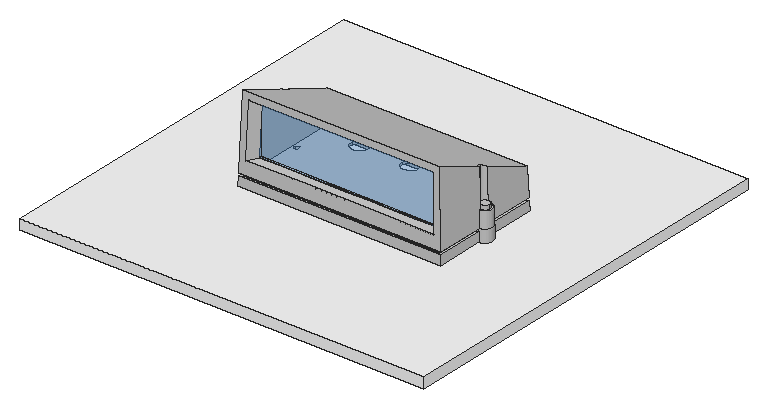
Revit family "BE_24372_de_DE", category Leuchten, Revit 2015
Parameters (values of type "BEGA_24372_Silber_K4")
  built-in parameter 1150104 = 12.105 (stored number, unit not read)
  Wattage = 6.1 W
  Default Elevation = 0 mm
  built-in parameter 1150113 = 1 (stored number, unit not read)
  built-in parameter 1114218 = 1 (stored number, unit not read)
  Umgebungstemperatur = "25 °C"
  URL = "http://www.bega.de/produkt/24372"
  Typenkommentare = "© 2017 BEGA. Wir behalten uns das Recht vor, technische Änderungen ohne vorherige Ankündigung vorzunehmen."  # constant formula
  Type Image = 24372.png
  built-in parameter 1150134 = 12
  built-in parameter 1150109 = 1 (stored number, unit not read)
  Strom = ""
  built-in parameter 1150110 = 1 (stored number, unit not read)
  Spannung = 239.996 V
  Sonderanfertigung = no
  Seriennummer [instance] = "Hier können Sie die eindeutige Seriennummer für das Facility Management eintragen."
  Schutzklasse = "I"
  Schutzart = "IP 65"
  Scheinlast = 0 VA
  Produktdatenblatt = "http://www.bega.de/download/Xrfa/db/24372.db.de.pdf"
  Oberflächentemperatur = ""
  Neigungswinkel = 0.00°
  Modell = "24372AK4"
  Material_17 = BEGA_Reflektor
  Material_15 = BEGA_Leuchtmedium_matt
  Material_11 = BEGA_Glas_opal
  Material_10 = BEGA_Glas_matt
  Material_09 = BEGA_Glas_klar
  Material_06 = BEGA_Oberfläche_Edelstahl_gebürstet
  Material_03 = BEGA_Oberfläche_Weiss_matt
  Material_02 = BEGA_Oberfläche_Silber_matt
  Material_01 [instance] = BEGA_Oberfläche_Grafit_matt
  M_W = no
  M_G = no
  M_A = yes
  Logo = 0
  built-in parameter 1114217 = 1 (stored number, unit not read)
  built-in parameter 1150139 = (empty or 0)
  built-in parameter 1150105 = 63.251 (stored number, unit not read)
  built-in parameter 1150114 = 1 (stored number, unit not read)
  Lumens = 794.83 lm
  built-in parameter 1150115 = 1 (stored number, unit not read)
  Leuchtenlichtstrom = "474 lm"
  Leuchtenanzahl = ""
  Lebensdauerkriterien = "L70B50 @ 25 °C = 500000 h"
  Lastklassifizierung = Beleuchtung
  built-in parameter 1150112 = 1 (stored number, unit not read)
  Lampenlichtstrom = "795 lm"
  Lampe = "LED 6.1 W"
  LED_Modulbezeichnung = "LED-0518/940"
  built-in parameter 1150142 = (empty or 0)
  Hersteller = "BEGA"  # constant formula
  Halbstreuwinkel = ""
  Gewicht = "1.4 kg"
  Gebrauchslageneinschränkung [instance] = ""
  Frequenz = "0/50-60 Hz"
  Farbwiedergabeindex = "Ra > 90"
  Farbtemperaturverschiebung bei Dämpfen der Lampe = <Keine Auswahl>
  Farbtemperatur = "4000 K"
  Color Filter = 16777215
  built-in parameter 1150133 = 10 (stored number, unit not read)
  Energieeffizienzklasse = "LED A++ - A"
  built-in parameter 1150137 = (empty or 0)
  built-in parameter 1150132 = (empty or 0)
  ENEC = "ja"
  Dimmbar [instance] = ""
  Datei für fotometrisches Netz = "BE_24372K4.IES"
  CE_Konformität = "ja"
  Bestellnummer = "24372AK4"
  Beschreibung_Sonderanfertigung = "Hier können Sie Informationen zur Sonderanfertigung eintragen."
  Beschreibung = "Wandleuchte"
  built-in parameter 1150106 = 0.63251 (stored number, unit not read)
  Befestigungsbohrung = "Ø 5 mm"
  Befestigungsabstand = "172 mm"
  Ballwurfsicher = ""
  BEGA_Intern_aus = yes
  BEGA_Intern_an = yes
  BEGA_Intern_Konstruktion = yes
  BEGA_Intern = yes
  BEGA_IES = yes
  BEGA_Dummy = no
  Anschlussleitung = ""
  Anschlussleistung [instance] = "8 W"
  Anschlusskasten = ""
  built-in parameter 1150107 = 4000 (stored number, unit not read)
  built-in parameter 1150102 = (empty or 0)
  built-in parameter 1150138 = (empty or 0)
  Aktualisierung = "2017-06-27T04:08:34"
  Abstand_zur_angestrahlten_Fläche [instance] = ""
  AC/DC = "AC/DC"
Types (4, lengths in mm): name | built-in parameter 1150104 | built-in parameter 1150134 | Modell | M_G | M_A | built-in parameter 1150105 | Lumens | Leuchtenlichtstrom | Lampenlichtstrom | LED_Modulbezeichnung | Farbtemperatur | Datei für fotometrisches Netz | Bestellnummer | built-in parameter 1150106 | built-in parameter 1150107
  BEGA_24372_Grafit_K3 | 11.724 (stored number, unit not read) | (empty or 0) | "24372" | yes | no | 61.26 (stored number, unit not read) | 769.82 lm | "459 lm" | "770 lm" | "LED-0518/930" | "3000 K" | "BE_24372.IES" | "24372" | 0.6126 (stored number, unit not read) | 3000 (stored number, unit not read)
  BEGA_24372_Silber_K3 | 11.724 (stored number, unit not read) | (empty or 0) | "24372A" | no | yes | 61.26 (stored number, unit not read) | 769.82 lm | "459 lm" | "770 lm" | "LED-0518/930" | "3000 K" | "BE_24372.IES" | "24372A" | 0.6126 (stored number, unit not read) | 3000 (stored number, unit not read)
  BEGA_24372_Silber_K4 | 12.105 (stored number, unit not read) | 12 | "24372AK4" | no | yes | 63.251 (stored number, unit not read) | 794.83 lm | "474 lm" | "795 lm" | "LED-0518/940" | "4000 K" | "BE_24372K4.IES" | "24372AK4" | 0.63251 (stored number, unit not read) | 4000 (stored number, unit not read)
  BEGA_24372_Grafit_K4 | 12.105 (stored number, unit not read) | 12 | "24372K4" | yes | no | 63.251 (stored number, unit not read) | 794.83 lm | "474 lm" | "795 lm" | "LED-0518/940" | "4000 K" | "BE_24372K4.IES" | "24372K4" | 0.63251 (stored number, unit not read) | 4000 (stored number, unit not read)
Reference planes
  plane 1 "Mitte (Vorne/Hinten)": y = 0
  plane 2: z = 0
  plane 3 "Mitte (Links/Rechts)": x = 0
  plane 4 "Links": x = -100
  plane 5 "Rechts": x = 100
  plane 6 "Unten": y = -55
  plane 7 "Oben": y = 55
  plane 8 "Vorne": z = 85
  plane 9 "Hinten": z = 0
Forms (mm)
  Extrusion 1, solid, material "BEGA_Platte_Weiss"
    sketch origin (0, -1119.2, 0) x (1, 0, 0) y (0, 1, 0)
      loop
        line (-200, 1319.2) -> (-200, 919.2) -> (200, 919.2) -> (200, 1319.2) -> (-200, 1319.2)
    from 0 to -10
  Extrusion 2, solid, material "BEGA_Dummy_matt", visible <- "BEGA_Dummy"
    sketch origin (80.095, -76.023, 0) x (1, 0, 0) y (0, 1, 0)
      loop
        line (-180.095, 131.023) -> (-180.095, 21.023) -> (19.905, 21.023) -> (19.905, 131.023) -> (-180.095, 131.023)
    from 0 to 85
Dimensions and locks
  plane 1 "Mitte (Vorne/Hinten)" to Extrusion 1 = 200 mm
  aligned and locked: plane 2 to Extrusion 1
  aligned and locked: level to Extrusion 1
Nested families
  nested 1: "BE_24372" at (0, 0, 0), type "BE_24372"
Connectors
  electrical at (0, 0, 0), driven by "Lastklassifizierung", driven by "Spannung", driven by "Scheinlast"
    settings: index 1, voltage 239.996 V, apparent load 0 VA, apparent load phase1 0 VA, apparent load phase2 0 VA, apparent load phase3 0 VA, power factor 1, load classification "Beleuchtung", number of poles 1, system type 31, power factor state 1, is connector primary yes, connector utility no, sub classification motor no, connector description ""
Definition of nested family "BE_24372"
  Parameters (values of type "BE_24372")
    Default Elevation = 1 mm
    URL = "http://www.bega.de/de/produkt"
    Type Comments = "© 2015 BEGA. Wir behalten uns das Recht vor, technische Änderungen ohne vorherige Ankündigung vorzunehmen. "  # constant formula
    Type Image = (empty or 0)
    Material_17 = none
    Material_15 = none
    Material_11 = none
    Material_10 = none
    Material_09 = none
    Material_06 = none
    Material_03 = none
    Material_02 = none
    Material_01 = none
    M_W = yes
    M_G = yes
    M_A = yes
    Länge_Platte = 300 mm  # constant formula
    Höhe_Platte = -10 mm  # constant formula
    Manufacturer = "BEGA"  # constant formula
    Breite_Platte = 200 mm  # constant formula
  Reference planes
    plane 1 "Mitte (Oben/Unten)": y = 0
    plane 2: z = 0
    plane 3 "Mitte (Links/Rechts)": x = 0
    plane 4 "Hinten": z = 0
    plane 5 "Unten": y = -55
    plane 6: z = 85
    plane 7: y = 55
    plane 8: x = -107.5
    plane 9: x = 107.5
  Forms (mm)
    Extrusion 1, solid, detail levels medium
      sketch origin (0, 0, 0) x (1, 0, 0) y (0, 1, 0)
        loop
          line (-150, 100) -> (-150, -100) -> (150, -100) -> (150, 100) -> (-150, 100)
      from 0 to -10 <- "Höhe_Platte"
    Extrusion 2, solid, material <- "Material_01", visible <- "M_G", detail levels medium+fine
      sketch origin (0, 0, 0) x (0, 1, 0) y (0, 0, 1)
        loop
          line (54.6, 12) -> (53.615, 40.2) -> (-52.051, 85) -> (-54.6, 12) -> (-52.3, 12) -> (-52.143, 16.5) -> (-45.263, 16.5) -> (-43.091, 78.703) -> (44.386, 41.615) -> (45.263, 16.5) -> (52.143, 16.5) -> (52.3, 12) -> (54.6, 12)
      from -100 to 100
    Extrusion 3, solid, material <- "Material_01", visible <- "M_G", detail levels medium+fine
      sketch origin (0, 0, 0) x (0, 1, 0) y (0, 0, 1)
        loop
          line (53.615, 40.2) -> (-52.051, 85) -> (-54.6, 12) -> (54.6, 12) -> (53.615, 40.2)
      from -100 to -91.52
    Extrusion 4, solid, material <- "Material_01", visible <- "M_G", detail levels medium+fine
      sketch origin (0, 0, 0) x (0, 1, 0) y (0, 0, -1)
        loop
          line (53.615, -40.2) -> (54.6, -12) -> (-54.6, -12) -> (-52.051, -85) -> (53.615, -40.2)
      from -100 to -93.479
    Extrusion 5, void
      sketch origin (0, 0, 0) x (1, 0, 0) y (0, 0, 1)
        loop
          line (-97.395, 86.584) -> (-100, 86.584) -> (-100, 12) -> (-97.395, 86.584)
      from -56.602 to 58.291
    Extrusion 6, void
      sketch origin (0, 0, 0) x (-1, 0, 0) y (0, 0, -1)
        loop
          line (-97.395, -86.584) -> (-100, -12) -> (-100, -86.584) -> (-97.395, -86.584)
      from -56.602 to 58.291
    Extrusion 7, solid, material <- "Material_01", visible <- "M_G", detail levels medium+fine
      sketch origin (0, 0, 0) x (1, 0, 0) y (0, 1, 0)
        loop
          line (-66.964, 21.964) -> (-66.964, -21.964) -> (66.964, -21.964) -> (66.964, 21.964) -> (-66.964, 21.964)
      from 14.7 to 12.4
    Extrusion 8, solid, material <- "Material_01", visible <- "M_G", detail levels medium+fine
      sketch origin (0, 0, 0) x (1, 0, 0) y (0, 1, 0)
        loop
          line (-96.067, 7.186) -> (-100, 7.186)
          arc (-100, 7.186) -> (-107.186, 0) -> (-100, -7.186) r 7.186
          line (-100, -7.186) -> (-96.067, -7.186) -> (-96.067, 7.186)
        loop
          line (96.067, 7.186) -> (96.067, -7.186) -> (100, -7.186)
          arc (100, -7.186) -> (107.186, 0) -> (100, 7.186) r 7.186
          line (100, 7.186) -> (96.067, 7.186)
      from 12 to 28
    Extrusion 9, solid, material <- "Material_01", visible <- "M_G", detail levels medium+fine
      sketch origin (0, 0, 0) x (1, 0, 0) y (0, 1, 0)
        loop
          line (-95, 7.5) -> (-100, 7.5)
          arc (-100, 7.5) -> (-107.5, 0) -> (-100, -7.5) r 7.5
          line (-100, -7.5) -> (-95, -7.5) -> (-95, 7.5)
        loop
          line (95, 7.5) -> (95, -7.5) -> (100, -7.5)
          arc (100, -7.5) -> (107.5, 0) -> (100, 7.5) r 7.5
          line (100, 7.5) -> (95, 7.5)
      from 0 to 12
    Extrusion 10, void
      sketch origin (0, 0, 0) x (1, 0, 0) y (0, 1, 0)
        loop
          circle (-50, 32.956) r 8.5
        loop
          circle (0, 32.956) r 8.5
        loop
          circle (-86, 0) r 2.5
        loop
          circle (86, 0) r 2.5
      from 0 to 17.494
    Extrusion 11, void
      sketch origin (0, 0, 0) x (1, 0, 0) y (0, 1, 0)
        loop
          circle (-100, 0) r 5.401
        loop
          circle (100, 0) r 5.401
      from 24.531 to 71.861
    Extrusion 12, solid, material <- "Material_06", detail levels fine
      sketch origin (0, 0, 0) x (1, 0, 0) y (0, 1, 0)
        loop
          circle (-100, 0) r 4.4
        loop
          circle (100, 0) r 4.4
      from 1.68 to 31.246
    Blend 13, void
      base sketch origin (0, 0, 0) x (1, 0, 0) y (0, 0, 1)
        loop
          line (-86.715, 25.489) -> (86.751, 25.489) -> (86.098, 73.703) -> (-86.063, 73.703) -> (-86.715, 25.489)
      top sketch origin (0, 0, 0) x (1, 0, 0) y (0, 0, 1)
        loop
          line (-92.669, 79.7) -> (-93.413, 24.7) -> (93.413, 24.7) -> (92.669, 79.7) -> (-92.669, 79.7)
      from 42.635 to 54.455
    Extrusion 14, solid, material <- "Material_10", detail levels medium+fine
      sketch origin (0, 0, 0) x (0, 1, 0) y (0, 0, 1)
        loop
          line (-38.861, 76.632) -> (-42.859, 76.772) -> (-44.848, 19.807) -> (-40.85, 19.667) -> (-38.861, 76.632)
      from -90.405 to 89.614
    Sweep 15, solid, material <- "Material_01", visible <- "M_G", detail levels medium+fine
      path origin (0, 0, 0) x (1, 0, 0) y (0, 1, 0)
        loop
          line (100, 55) -> (-100, 55) -> (-100, -55) -> (100, -55) -> (100, 55)
      profile origin (0, 55, 0) x (0, -1, 0) y (0, 0, 1)
        loop
          line (0.314, 9) -> (0, 0) -> (2.301, 0) -> (2.502, 5.733)
          arc (2.502, 5.733) -> (2.806, 6.419) -> (3.501, 6.7) r 1
          arc (3.501, 6.7) -> (4.899, 7.256) -> (5.514, 8.628) r 2
          line (5.514, 8.628) -> (5.646, 12.4) -> (33.036, 12.4) -> (33.036, 14.7) -> (3.425, 14.7) -> (3.226, 9) -> (0.314, 9)
    Extrusion 16, solid, material <- "Material_02", visible <- "M_A", detail levels medium+fine
      sketch origin (0, 0, 0) x (1, 0, 0) y (0, 1, 0)
        loop
          line (-66.964, 21.964) -> (-66.964, -21.964) -> (66.964, -21.964) -> (66.964, 21.964) -> (-66.964, 21.964)
      from 14.7 to 12.4
    Extrusion 17, solid, material <- "Material_02", visible <- "M_A", detail levels medium+fine
      sketch origin (0, 0, 0) x (1, 0, 0) y (0, 1, 0)
        loop
          line (-95, 7.5) -> (-100, 7.5)
          arc (-100, 7.5) -> (-107.5, 0) -> (-100, -7.5) r 7.5
          line (-100, -7.5) -> (-95, -7.5) -> (-95, 7.5)
        loop
          line (95, 7.5) -> (95, -7.5) -> (100, -7.5)
          arc (100, -7.5) -> (107.5, 0) -> (100, 7.5) r 7.5
          line (100, 7.5) -> (95, 7.5)
      from 0 to 12
    Sweep 18, solid, material <- "Material_02", visible <- "M_A", detail levels medium+fine
      path origin (0, 0, 0) x (1, 0, 0) y (0, 1, 0)
        loop
          line (100, 55) -> (-100, 55) -> (-100, -55) -> (100, -55) -> (100, 55)
      profile origin (0, 55, 0) x (0, -1, 0) y (0, 0, 1)
        loop
          line (0.314, 9) -> (0, 0) -> (2.301, 0) -> (2.502, 5.733)
          arc (2.502, 5.733) -> (2.806, 6.419) -> (3.501, 6.7) r 1
          arc (3.501, 6.7) -> (4.899, 7.256) -> (5.514, 8.628) r 2
          line (5.514, 8.628) -> (5.646, 12.4) -> (33.036, 12.4) -> (33.036, 14.7) -> (3.425, 14.7) -> (3.226, 9) -> (0.314, 9)
    Extrusion 19, solid, material <- "Material_02", visible <- "M_A", detail levels medium+fine
      sketch origin (0, 0, 0) x (0, 1, 0) y (0, 0, 1)
        loop
          line (54.6, 12) -> (53.615, 40.2) -> (-52.051, 85) -> (-54.6, 12) -> (-52.3, 12) -> (-52.143, 16.5) -> (-45.263, 16.5) -> (-43.091, 78.703) -> (44.386, 41.615) -> (45.263, 16.5) -> (52.143, 16.5) -> (52.3, 12) -> (54.6, 12)
      from -100 to 100
    Extrusion 20, solid, material <- "Material_02", visible <- "M_A", detail levels medium+fine
      sketch origin (0, 0, 0) x (0, 1, 0) y (0, 0, 1)
        loop
          line (53.615, 40.2) -> (-52.051, 85) -> (-54.6, 12) -> (54.6, 12) -> (53.615, 40.2)
      from -100 to -91.52
    Extrusion 21, solid, material <- "Material_02", visible <- "M_A", detail levels medium+fine
      sketch origin (0, 0, 0) x (0, 1, 0) y (0, 0, -1)
        loop
          line (53.615, -40.2) -> (54.6, -12) -> (-54.6, -12) -> (-52.051, -85) -> (53.615, -40.2)
      from -100 to -93.479
    Extrusion 22, solid, material <- "Material_02", visible <- "M_A", detail levels medium+fine
      sketch origin (0, 0, 0) x (1, 0, 0) y (0, 1, 0)
        loop
          line (-96.067, 7.186) -> (-100, 7.186)
          arc (-100, 7.186) -> (-107.186, 0) -> (-100, -7.186) r 7.186
          line (-100, -7.186) -> (-96.067, -7.186) -> (-96.067, 7.186)
        loop
          line (96.067, 7.186) -> (96.067, -7.186) -> (100, -7.186)
          arc (100, -7.186) -> (107.186, 0) -> (100, 7.186) r 7.186
          line (100, 7.186) -> (96.067, 7.186)
      from 12 to 28
    Extrusion 23, void
      sketch origin (0, 0, 0) x (1, 0, 0) y (0, 0, 1)
        loop
          line (-97.395, 86.584) -> (-100, 86.584) -> (-100, 12) -> (-97.395, 86.584)
      from -56.602 to 58.291
    Extrusion 24, void
      sketch origin (0, 0, 0) x (-1, 0, 0) y (0, 0, -1)
        loop
          line (-97.395, -86.584) -> (-100, -12) -> (-100, -86.584) -> (-97.395, -86.584)
      from -56.602 to 58.291
    Blend 25, void
      base sketch origin (0, 0, 0) x (1, 0, 0) y (0, 0, 1)
        loop
          line (-86.715, 25.489) -> (86.751, 25.489) -> (86.098, 73.703) -> (-86.063, 73.703) -> (-86.715, 25.489)
      top sketch origin (0, 0, 0) x (1, 0, 0) y (0, 0, 1)
        loop
          line (-92.669, 79.7) -> (-93.413, 24.7) -> (93.413, 24.7) -> (92.669, 79.7) -> (-92.669, 79.7)
      from 42.635 to 54.455
    Extrusion 26, void
      sketch origin (0, 0, 0) x (1, 0, 0) y (0, 1, 0)
        loop
          circle (-100, 0) r 5.401
        loop
          circle (100, 0) r 5.401
      from 24.531 to 71.861
  Cuts and joins
    Extrusion 5, Extrusion 6, Extrusion 10, Extrusion 11, Blend 13, Extrusion 23, Extrusion 24, Blend 25, Extrusion 26 cuts Extrusion 2
    Extrusion 5, Extrusion 6, Extrusion 10, Extrusion 11, Blend 13, Extrusion 23, Extrusion 24, Blend 25, Extrusion 26 cuts Extrusion 3
    Extrusion 5, Extrusion 6, Extrusion 10, Extrusion 11, Blend 13, Extrusion 23, Extrusion 24, Blend 25, Extrusion 26 cuts Extrusion 4
    Extrusion 10, Extrusion 11, Blend 13, Blend 25, Extrusion 26 cuts Extrusion 8
    joined: Extrusion 2, Extrusion 3, Extrusion 4, Extrusion 8
    Extrusion 10, Extrusion 11 cuts Extrusion 7
    Extrusion 10, Extrusion 11 cuts Extrusion 9
    Extrusion 10 cuts Sweep 15
    joined: Extrusion 7, Extrusion 9, Sweep 15
    Extrusion 10 cuts Sweep 18
    joined: Extrusion 16, Extrusion 17, Sweep 18
    Extrusion 11, Extrusion 23, Extrusion 24, Blend 25, Extrusion 26 cuts Extrusion 19
    Extrusion 23, Extrusion 24, Blend 25, Extrusion 26 cuts Extrusion 20
    Extrusion 23, Extrusion 24, Blend 25, Extrusion 26 cuts Extrusion 21
    Extrusion 26 cuts Extrusion 22
    joined: Extrusion 19, Extrusion 20, Extrusion 21, Extrusion 22
    Blend 25 cuts Extrusion 14
  Lines and regions (mm)
    model lines
      curve 1: line (-100, 55, 0) -> (-100, -55, 0)
      curve 2: line (-100, -55, 0) -> (100, -55, 0)
      curve 3: line (100, -55, 0) -> (100, 55, 0)
      curve 4: line (100, 55, 0) -> (-100, 55, 0)
  Dimensions and locks
    equal spacing: Extrusion 1 sketch curve, plane 3 "Mitte (Links/Rechts)", Extrusion 1 sketch curve
    equal spacing: Extrusion 1 sketch curve, plane 1 "Mitte (Oben/Unten)", Extrusion 1 sketch curve
    "Länge_Platte": Extrusion 1 sketch curve to Extrusion 1 sketch curve
    "Breite_Platte": Extrusion 1 sketch curve to Extrusion 1 sketch curve
    aligned and locked: Extrusion 1 to plane 2
    aligned and locked: level to Extrusion 1
  Automatic sketch dimensions
    level to Extrusion 2 sketch curve = 12 mm  (x2)
    plane 1 "Mitte (Oben/Unten)" to Extrusion 2 sketch curve = 54.6 mm
    Extrusion 2 sketch curve to Extrusion 2 sketch curve = 2.3 mm  (x2)
    level to Extrusion 2 sketch curve = 16.5 mm  (x2)
    Extrusion 2 sketch curve to Extrusion 2 sketch curve = 0.157 mm  (x2)
    plane 1 "Mitte (Oben/Unten)" to Extrusion 2 sketch curve = 52.051 mm
    Extrusion 2 sketch curve to Extrusion 2 sketch curve = 6.879 mm  (x2)
    Extrusion 2 sketch curve to Extrusion 2 sketch curve = 8.96 mm
    Extrusion 2 sketch curve to plane 1 "Mitte (Oben/Unten)" = 44.386 mm
    Extrusion 2 sketch curve to Extrusion 2 sketch curve = 0.877 mm
    Extrusion 2 sketch curve to Extrusion 2 sketch curve = 9.229 mm
    Extrusion 2 sketch curve to Extrusion 2 sketch curve = 23.7 mm
    Extrusion 2 sketch curve to Extrusion 2 sketch curve = 1.415 mm
    Extrusion 2 sketch curve to Extrusion 2 sketch curve = 62.203 mm
    Extrusion 2 sketch curve to Extrusion 2 sketch curve = 6.297 mm
    level to Extrusion 3 sketch curve = 12 mm
    plane 1 "Mitte (Oben/Unten)" to Extrusion 3 sketch curve = 54.6 mm
    plane 1 "Mitte (Oben/Unten)" to Extrusion 3 sketch curve = 52.051 mm
    Extrusion 3 sketch curve to plane 1 "Mitte (Oben/Unten)" = 53.615 mm
    Extrusion 3 sketch curve to Extrusion 3 sketch curve = 0.985 mm
    Extrusion 3 sketch curve to Extrusion 3 sketch curve = 28.2 mm
    Extrusion 3 sketch curve to Extrusion 3 sketch curve = 73 mm
    level to Extrusion 4 sketch curve = 12 mm
    plane 1 "Mitte (Oben/Unten)" to Extrusion 4 sketch curve = 54.6 mm
    plane 1 "Mitte (Oben/Unten)" to Extrusion 4 sketch curve = 52.051 mm
    Extrusion 4 sketch curve to plane 1 "Mitte (Oben/Unten)" = 53.615 mm
    Extrusion 4 sketch curve to Extrusion 4 sketch curve = 0.985 mm
    Extrusion 4 sketch curve to Extrusion 4 sketch curve = 28.2 mm
    Extrusion 4 sketch curve to Extrusion 4 sketch curve = 73 mm
    level to Extrusion 5 sketch curve = 12 mm
    Extrusion 5 sketch curve to Extrusion 5 sketch curve = 2.605 mm
    Extrusion 5 sketch curve to Extrusion 5 sketch curve = 74.584 mm
    Extrusion 6 sketch curve to level = 12 mm
    Extrusion 6 sketch curve to Extrusion 6 sketch curve = 2.605 mm
    Extrusion 6 sketch curve to Extrusion 6 sketch curve = 74.584 mm
    plane 1 "Mitte (Oben/Unten)" to Extrusion 7 sketch curve = 21.964 mm
    Extrusion 7 sketch curve to plane 1 "Mitte (Oben/Unten)" = 21.964 mm
    Extrusion 12 sketch curve to plane 1 "Mitte (Oben/Unten)" = 0 mm  (x2)
    plane 1 "Mitte (Oben/Unten)" to Extrusion 14 sketch curve = 38.861 mm
    level to Extrusion 14 sketch curve = 76.632 mm
    level to Extrusion 14 sketch curve = 19.667 mm
    plane 1 "Mitte (Oben/Unten)" to Extrusion 14 sketch curve = 40.85 mm
    Extrusion 14 sketch curve to Extrusion 14 sketch curve = 3.998 mm  (x2)
    Extrusion 14 sketch curve to Extrusion 14 sketch curve = 0.14 mm
    level to Extrusion 14 sketch curve = 19.807 mm
    Extrusion 5 sketch curve to plane 3 "Mitte (Links/Rechts)" = 100 mm
    Extrusion 7 sketch curve to plane 3 "Mitte (Links/Rechts)" = 66.964 mm
    Extrusion 12 sketch curve to plane 3 "Mitte (Links/Rechts)" = 100 mm
    Extrusion 6 sketch curve to plane 3 "Mitte (Links/Rechts)" = 100 mm
    plane 3 "Mitte (Links/Rechts)" to Extrusion 7 sketch curve = 66.964 mm
    plane 3 "Mitte (Links/Rechts)" to Extrusion 12 sketch curve = 100 mm
    Sweep 15 sketch curve to plane 5 "Unten" = 0 mm
    plane 7 to Sweep 15 sketch curve = 0 mm
    curve 1 to plane 5 "Unten" = 0 mm
    plane 7 to curve 1 = 0 mm
    level to Blend 13 sketch curve = 24.7 mm
    plane 6 to Blend 13 sketch curve = 5.3 mm
    Blend 13 sketch curve to Blend 13 sketch curve = 0.744 mm  (x2)
    level to Blend 13 sketch curve = 25.489 mm  (x2)
    plane 6 to Blend 13 sketch curve = 11.297 mm
    Blend 13 sketch curve to Blend 13 sketch curve = 0.652 mm  (x2)
    plane 1 "Mitte (Oben/Unten)" to Extrusion 9 sketch curve = 0 mm  (x2)
    plane 1 "Mitte (Oben/Unten)" to Extrusion 9 sketch curve = 7.5 mm
    Extrusion 9 sketch curve to Extrusion 9 sketch curve = 5 mm  (x2)
    Extrusion 9 sketch curve to plane 1 "Mitte (Oben/Unten)" = 7.5 mm
    plane 1 "Mitte (Oben/Unten)" to Extrusion 8 sketch curve = 0 mm  (x2)
    plane 1 "Mitte (Oben/Unten)" to Extrusion 8 sketch curve = 7.186 mm
    Extrusion 8 sketch curve to Extrusion 8 sketch curve = 3.933 mm  (x2)
    Extrusion 8 sketch curve to plane 1 "Mitte (Oben/Unten)" = 7.186 mm
    plane 1 "Mitte (Oben/Unten)" to Extrusion 11 sketch curve = 0 mm  (x2)
    Extrusion 10 sketch curve to plane 3 "Mitte (Links/Rechts)" = 0 mm
    Extrusion 10 sketch curve to plane 3 "Mitte (Links/Rechts)" = 50 mm
    plane 7 to Extrusion 10 sketch curve = 22.045 mm
    Extrusion 10 sketch curve to Extrusion 10 sketch curve = 0 mm
    plane 1 "Mitte (Oben/Unten)" to Extrusion 10 sketch curve = 0 mm  (x2)
    Extrusion 10 sketch curve to Extrusion 10 sketch curve = 36 mm
    Sweep 15 sketch curve to level = 0 mm
    Sweep 15 sketch curve to profile plane = 0 mm
    Sweep 15 sketch curve to profile plane = 0.314 mm
    Sweep 15 sketch curve to profile plane = 2.301 mm
    Sweep 15 sketch curve to profile plane = 2.502 mm
    Sweep 15 sketch curve to Sweep 15 sketch curve = 2.912 mm
    Sweep 15 sketch curve to profile plane = 3.425 mm
    Sweep 15 sketch curve to Sweep 15 sketch curve = 0.999 mm
    Sweep 15 sketch curve to Sweep 15 sketch curve = 0.29 mm
    Sweep 15 sketch curve to Sweep 15 sketch curve = 1.999 mm
    Sweep 15 sketch curve to Sweep 15 sketch curve = 2.221 mm
    Sweep 15 sketch curve to Sweep 15 sketch curve = 27.389 mm
    level to Sweep 15 sketch curve = 5.7 mm
    Sweep 15 sketch curve to Sweep 15 sketch curve = 0.033 mm
    Sweep 15 sketch curve to Sweep 15 sketch curve = 1.928 mm
    Sweep 15 sketch curve to Sweep 15 sketch curve = 0.072 mm
    Sweep 15 sketch curve to Sweep 15 sketch curve = 0.3 mm
    level to Sweep 15 sketch curve = 12.4 mm
    Sweep 15 sketch curve to Sweep 15 sketch curve = 2.3 mm
    Sweep 15 sketch curve to Sweep 15 sketch curve = 0 mm  (x2)
    plane 1 "Mitte (Oben/Unten)" to Extrusion 16 sketch curve = 21.964 mm
    Extrusion 16 sketch curve to plane 3 "Mitte (Links/Rechts)" = 66.964 mm
    plane 3 "Mitte (Links/Rechts)" to Extrusion 16 sketch curve = 66.964 mm
    Extrusion 16 sketch curve to plane 1 "Mitte (Oben/Unten)" = 21.964 mm
    plane 1 "Mitte (Oben/Unten)" to Extrusion 17 sketch curve = 0 mm  (x2)
    plane 1 "Mitte (Oben/Unten)" to Extrusion 17 sketch curve = 7.5 mm
    Extrusion 17 sketch curve to Extrusion 17 sketch curve = 5 mm  (x2)
    Extrusion 17 sketch curve to plane 1 "Mitte (Oben/Unten)" = 7.5 mm
    Sweep 18 sketch curve to plane 5 "Unten" = 0 mm
    plane 7 to Sweep 18 sketch curve = 0 mm
    Sweep 18 sketch curve to level = 0 mm
    Sweep 18 sketch curve to profile plane = 0 mm
    Sweep 18 sketch curve to profile plane = 0.314 mm
    Sweep 18 sketch curve to profile plane = 2.301 mm
    Sweep 18 sketch curve to profile plane = 2.502 mm
    Sweep 18 sketch curve to Sweep 18 sketch curve = 2.912 mm
    Sweep 18 sketch curve to profile plane = 3.425 mm
    Sweep 18 sketch curve to Sweep 18 sketch curve = 0.999 mm
    Sweep 18 sketch curve to Sweep 18 sketch curve = 0.29 mm
    Sweep 18 sketch curve to Sweep 18 sketch curve = 1.999 mm
    Sweep 18 sketch curve to Sweep 18 sketch curve = 2.221 mm
    Sweep 18 sketch curve to Sweep 18 sketch curve = 27.389 mm
    level to Sweep 18 sketch curve = 5.7 mm
    Sweep 18 sketch curve to Sweep 18 sketch curve = 0.033 mm
    Sweep 18 sketch curve to Sweep 18 sketch curve = 1.928 mm
    Sweep 18 sketch curve to Sweep 18 sketch curve = 0.072 mm
    Sweep 18 sketch curve to Sweep 18 sketch curve = 0.3 mm
    level to Sweep 18 sketch curve = 12.4 mm
    Sweep 18 sketch curve to Sweep 18 sketch curve = 2.3 mm
    Sweep 18 sketch curve to Sweep 18 sketch curve = 0 mm  (x2)
    plane 6 to Extrusion 19 sketch curve = 0 mm
    plane 5 "Unten" to Extrusion 19 sketch curve = 0.4 mm
    Extrusion 19 sketch curve to Extrusion 19 sketch curve = 2.3 mm
    plane 5 "Unten" to Extrusion 19 sketch curve = 2.857 mm
    plane 5 "Unten" to Extrusion 19 sketch curve = 2.949 mm
    Extrusion 19 sketch curve to Extrusion 19 sketch curve = 6.879 mm
    Extrusion 19 sketch curve to Extrusion 19 sketch curve = 8.96 mm
    plane 7 to Extrusion 19 sketch curve = 10.614 mm
    plane 7 to Extrusion 19 sketch curve = 9.737 mm
    plane 7 to Extrusion 19 sketch curve = 2.857 mm
    plane 7 to Extrusion 19 sketch curve = 2.7 mm
    plane 7 to Extrusion 19 sketch curve = 1.385 mm
    plane 7 to Extrusion 19 sketch curve = 0.4 mm
    plane 6 to Extrusion 19 sketch curve = 6.297 mm
    level to Extrusion 19 sketch curve = 41.615 mm
    Extrusion 19 sketch curve to Extrusion 19 sketch curve = 1.415 mm
    level to Extrusion 19 sketch curve = 16.5 mm  (x2)
    Extrusion 19 sketch curve to Extrusion 19 sketch curve = 4.5 mm  (x2)
    plane 6 to Extrusion 20 sketch curve = 0 mm
    plane 5 "Unten" to Extrusion 20 sketch curve = 0.4 mm
    plane 5 "Unten" to Extrusion 20 sketch curve = 2.949 mm
    plane 7 to Extrusion 20 sketch curve = 1.385 mm
    plane 7 to Extrusion 20 sketch curve = 0.4 mm
    level to Extrusion 20 sketch curve = 40.2 mm
    level to Extrusion 20 sketch curve = 12 mm
    plane 6 to Extrusion 21 sketch curve = 0 mm
    plane 5 "Unten" to Extrusion 21 sketch curve = 0.4 mm
    plane 5 "Unten" to Extrusion 21 sketch curve = 2.949 mm
    plane 7 to Extrusion 21 sketch curve = 1.385 mm
    plane 7 to Extrusion 21 sketch curve = 0.4 mm
    level to Extrusion 21 sketch curve = 40.2 mm
    level to Extrusion 21 sketch curve = 12 mm
    plane 1 "Mitte (Oben/Unten)" to Extrusion 22 sketch curve = 0 mm  (x2)
    plane 1 "Mitte (Oben/Unten)" to Extrusion 22 sketch curve = 7.186 mm
    Extrusion 22 sketch curve to Extrusion 22 sketch curve = 3.933 mm  (x2)
    Extrusion 22 sketch curve to plane 1 "Mitte (Oben/Unten)" = 7.186 mm
    level to Extrusion 23 sketch curve = 12 mm
    Extrusion 23 sketch curve to Extrusion 23 sketch curve = 2.605 mm
    Extrusion 23 sketch curve to plane 6 = 1.584 mm
    Extrusion 24 sketch curve to level = 12 mm
    Extrusion 24 sketch curve to Extrusion 24 sketch curve = 2.605 mm
    plane 6 to Extrusion 24 sketch curve = 1.584 mm
    level to Blend 25 sketch curve = 25.489 mm  (x2)
    plane 6 to Blend 25 sketch curve = 11.297 mm
    Blend 25 sketch curve to Blend 25 sketch curve = 0.652 mm  (x2)
    level to Blend 25 sketch curve = 24.7 mm
    plane 6 to Blend 25 sketch curve = 5.3 mm
    Blend 25 sketch curve to Blend 25 sketch curve = 0.744 mm  (x2)
    plane 1 "Mitte (Oben/Unten)" to Extrusion 26 sketch curve = 0 mm  (x2)
    curve 1 to plane 3 "Mitte (Links/Rechts)" = 100 mm
    Extrusion 8 sketch curve to plane 3 "Mitte (Links/Rechts)" = 96.067 mm
    Extrusion 9 sketch curve to plane 3 "Mitte (Links/Rechts)" = 95 mm
    Extrusion 11 sketch curve to plane 3 "Mitte (Links/Rechts)" = 100 mm
    Blend 13 sketch curve to plane 3 "Mitte (Links/Rechts)" = 86.063 mm
    Blend 13 sketch curve to plane 3 "Mitte (Links/Rechts)" = 92.669 mm
    Sweep 15 sketch curve to plane 3 "Mitte (Links/Rechts)" = 100 mm
    Extrusion 17 sketch curve to plane 3 "Mitte (Links/Rechts)" = 95 mm
    Sweep 18 sketch curve to plane 3 "Mitte (Links/Rechts)" = 100 mm
    Extrusion 22 sketch curve to plane 3 "Mitte (Links/Rechts)" = 96.067 mm
    Extrusion 23 sketch curve to plane 3 "Mitte (Links/Rechts)" = 100 mm
    Blend 25 sketch curve to plane 3 "Mitte (Links/Rechts)" = 86.063 mm
    Blend 25 sketch curve to plane 3 "Mitte (Links/Rechts)" = 92.669 mm
    Extrusion 26 sketch curve to plane 3 "Mitte (Links/Rechts)" = 100 mm
    plane 3 "Mitte (Links/Rechts)" to curve 3 = 100 mm
    plane 3 "Mitte (Links/Rechts)" to Extrusion 8 sketch curve = 96.067 mm
    plane 3 "Mitte (Links/Rechts)" to Extrusion 9 sketch curve = 95 mm
    plane 3 "Mitte (Links/Rechts)" to Extrusion 10 sketch curve = 86 mm
    plane 3 "Mitte (Links/Rechts)" to Extrusion 11 sketch curve = 100 mm
    plane 3 "Mitte (Links/Rechts)" to Blend 13 sketch curve = 86.098 mm
    plane 3 "Mitte (Links/Rechts)" to Blend 13 sketch curve = 92.669 mm
    plane 3 "Mitte (Links/Rechts)" to Sweep 15 sketch curve = 100 mm
    plane 3 "Mitte (Links/Rechts)" to Extrusion 17 sketch curve = 95 mm
    plane 3 "Mitte (Links/Rechts)" to Sweep 18 sketch curve = 100 mm
    plane 3 "Mitte (Links/Rechts)" to Extrusion 22 sketch curve = 96.067 mm
    Extrusion 24 sketch curve to plane 3 "Mitte (Links/Rechts)" = 100 mm
    plane 3 "Mitte (Links/Rechts)" to Blend 25 sketch curve = 86.098 mm
    plane 3 "Mitte (Links/Rechts)" to Blend 25 sketch curve = 92.669 mm
    plane 3 "Mitte (Links/Rechts)" to Extrusion 26 sketch curve = 100 mm
    radius of Extrusion 12 sketch curve = 4.4 mm  (x2)
    radius of Extrusion 11 sketch curve = 5.401 mm  (x2)
    radius of Extrusion 10 sketch curve = 8.5 mm  (x2)
    radius of Extrusion 10 sketch curve = 2.5 mm  (x2)
    radius of Extrusion 26 sketch curve = 5.401 mm  (x2)
